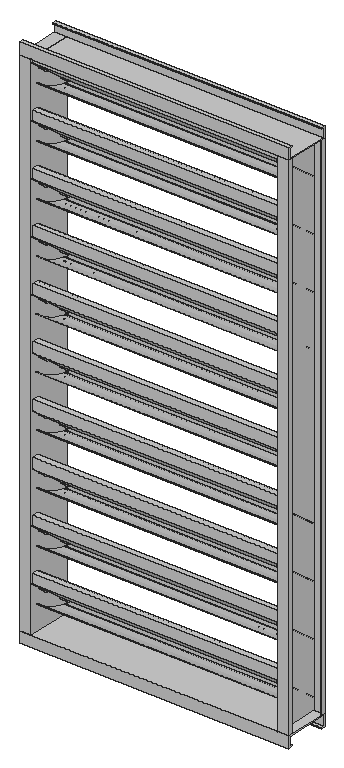
Revit family
Parameters (values of type "SBI-445")
  Width Control = if(Width < Min Width, Min Width, if(Width > Max Width, Max Width, Width))  # 2' - 0"
  Width = 2' - 0"
  Warranty = "http://www.alllite-louvers.com/All-Lite_Warranty.pdf"
  Velocity @ .15 in. wg Pressure Loss = "811 fpm"  # constant formula
  URL = "http://www.alllite-louvers.com/"
  Specifications = "http://www.alllite-louvers.com/catalog/ASBI-445-csi-specification.doc"
  Product URL = "http://www.alllite-louvers.com/catalog.php?model=SBI-445"
  Pressure Loss @ Beginning Point of Water Penetration = "0.14 in. wg."  # constant formula
  Omni Class Title = "Exterior Louvers & Grilles"  # constant formula
  Omni Class Code = "23-60 11 17"  # constant formula
  Mullion = "Visible"  # constant formula
  Maximum Size - Unlimited Section = "Unlimited"  # constant formula
  Free Area Velocity @ Beginning Point of Water Penetration = "775 fpm"  # constant formula
  Free Area = "[48'' x 48'' unit] : 7.5 ft² 46.9%"  # constant formula
  Design Load = "30 psf"  # constant formula
  Screen = "1/2'' x .063'' expanded and flattened aluminum"  # constant formula
  Model = "SBI-445"  # constant formula
  Minimum Size = "12'' x 12''"  # constant formula
  Min Width = 1' - 0"  # constant formula
  Min Height = 1' - 0"  # constant formula
  Maximum Size - Single Section = "36'' x 120''"  # constant formula
  Max Width = 3' - 0"  # constant formula
  Max Height = 10' - 0"  # constant formula
  Manufacturer = "All-Lite"  # constant formula
  Louver Count = (Height Control - 0' 3 1/2") / 0' 4 5/8"  # 10
  Louver = Galvannealed Steel
  Height Control = if(Height < Min Height, Min Height, if(Height > Max Height, Max Height, Height))  # 4' - 0"
  Height = 4' - 0"
  Frame = "4'' deep x 20 ga thick channel"  # constant formula
  Default Height = 4' - 0"
  Cut Sheet = "http://www.alllite-louvers.com/catalog/ASBI445.pdf"
  Blades = "45° x 20 ga thick J-style BD-intake"  # constant formula
  Blade Width = Width Control - 0' 2"  # 1' - 10"
  Blade Height = Height Control - 0' 8 5/16" + 0' 0 235/256"  # 3' - 4 155/256"
  Assembly Code = "B2010300"
  Air Volume Delivered @ Beginning Point of Water Penetration = "5,813 cfm"  # constant formula
  95 CSI = "10200"  # constant formula
  04 CSI = "08 91 00"  # constant formula
Reference planes (in)
  plane 1: y = 0
  plane 2 "Center (Left/Right)": x = 0
  plane 3 "Wall Edge": y = 6
  plane 4: z = 48
  plane 5: x = 12
  plane 6: x = -12
  plane 7: z = 96
  plane 8 "blade": y = 2.125
  plane 9 "blade start": z = 49.25
  plane 10: z = 94.75
Forms (in)
  Sweep 1, solid, material "Galvannealed Steel" <- "Louver"
    path origin (0, 6, 96) x (1, 0, 0) y (0, 0, -1)
      loop
        line (12, 48) -> (-12, 48)
    profile "Frame Profile : 4"" origin (0, 6, 48) x (0, 0, -1) y (0, -1, 0)
      loop
        line (-1, 4) -> (-1, 0) -> (0, 0) -> (0, 0.375) -> (-0.08203, 0.375) -> (-0.08203, 0.08203) -> (-0.91797, 0.08203) -> (-0.91797, 3.91797) -> (-0.08203, 3.91797) -> (-0.08203, 3.625) -> (0, 3.625) -> (0, 4) -> (-1, 4)
  Sweep 2, solid, material "Galvannealed Steel" <- "Louver"
    path origin (0, 6, 0) x (1, 0, 0) y (0, 0, 1)
      loop
        line (-12, 96) -> (12, 96)
    profile "Frame Profile : 4"" origin (0, 6, 96) x (0, 0, 1) y (0, -1, 0)
      loop
        line (-1, 4) -> (-1, 0) -> (0, 0) -> (0, 0.375) -> (-0.08203, 0.375) -> (-0.08203, 0.08203) -> (-0.91797, 0.08203) -> (-0.91797, 3.91797) -> (-0.08203, 3.91797) -> (-0.08203, 3.625) -> (0, 3.625) -> (0, 4) -> (-1, 4)
  Sweep 3, solid, material "Galvannealed Steel" <- "Louver"
    path origin (0, 6, 0) x (1, 0, 0) y (0, 0, 1)
      loop
        line (12, 95) -> (12, 49)
    profile "Frame Profile : 4"" origin (12, 6, 72) x (1, 0, 0) y (0, -1, 0)
      loop
        line (-1, 4) -> (-1, 0) -> (0, 0) -> (0, 0.375) -> (-0.08203, 0.375) -> (-0.08203, 0.08203) -> (-0.91797, 0.08203) -> (-0.91797, 3.91797) -> (-0.08203, 3.91797) -> (-0.08203, 3.625) -> (0, 3.625) -> (0, 4) -> (-1, 4)
  Sweep 4, solid, material "Galvannealed Steel" <- "Louver"
    path origin (0, 6, 0) x (-1, 0, 0) y (0, 0, 1)
      loop
        line (12, 95) -> (12, 49)
    profile "Frame Profile : 4"" origin (-12, 6, 72) x (1, 0, 0) y (0, -1, 0)
      loop
        line (1, 4) -> (0, 4) -> (0, 3.625) -> (0.08203, 3.625) -> (0.08203, 3.91797) -> (0.91797, 3.91797) -> (0.91797, 0.08203) -> (0.08203, 0.08203) -> (0.08203, 0.375) -> (0, 0.375) -> (0, 0) -> (1, 0) -> (1, 4)
Lines and regions (in)
  Opening 1
    outline origin (-60, -6, 0) x (1, 0, 0) y (0, 0, 1)
      loop
        line (72, 96) -> (48, 96) -> (48, 48) -> (72, 48) -> (72, 96)
Text (in)
  text "Placement Side" at (0, 40.15149, 123.01588), in view "Right"
  text "Placement Side" at (-70.3804, 28.46503, 0), in view "Ref. Level"
  text "Placement Side" at (0, 81.62555, 140.59947), in view "Left"
Dimensions and locks (in)
  locked: plane 3 "Wall Edge" to host wall
  "Default Height": level to plane 4
  "Height Control": plane 4 to plane 7
  equal spacing: plane 6, plane 2 "Center (Left/Right)", plane 5
  "Width Control": plane 6 to plane 5
  locked: plane 4 to plane 9 "blade start" at 1.25
  locked: plane 10 to plane 7 at 1.25
  plane 7 to plane 4 = 4' - 0"
  equal spacing: group 1, group 2, group 3, group 4, group 5, group 6, group 7, group 8, group 9, group 10  (x3)
  aligned and locked: plane 7 to Opening 1 sketch curve
  aligned and locked: Opening 1 sketch curve to plane 5
  aligned and locked: Opening 1 sketch curve to plane 4
  aligned and locked: plane 6 to Opening 1 sketch curve
  aligned and locked: Sweep 1 sketch curve to plane 4
  aligned and locked: plane 5 to Sweep 1 sketch curve
  aligned and locked: plane 6 to Sweep 1 sketch curve
  aligned and locked: plane 7 to Sweep 2 sketch curve
  aligned and locked: plane 5 to Sweep 2 sketch curve
  aligned and locked: plane 6 to Sweep 2 sketch curve
  aligned and locked: Sweep 3 sketch curve to plane 5
Automatic sketch dimensions
  plane 6 to Sweep 4 sketch curve = 0' - 0"
  Sweep 3 sketch curve to plane 7 = 0' - 1"
  plane 7 to Sweep 4 sketch curve = 0' - 1"
  plane 4 to Sweep 3 sketch curve = 0' - 1"
  Sweep 4 sketch curve to plane 4 = 0' - 1"
Nested families (in)
  nested 1: "445i blade" at (0, 2.125, 50.76003) x (1, 0, 0) z (0, 1, 0), type "445i blade"
  nested 2: "445i blade" at (0, 2.125, 55.38503) x (1, 0, 0) z (0, 1, 0), type "445i blade"
  nested 3: "445i blade" at (0, 2.125, 60.01003) x (1, 0, 0) z (0, 1, 0), type "445i blade"
  nested 4: "445i blade" at (0, 2.125, 64.63503) x (1, 0, 0) z (0, 1, 0), type "445i blade"
  nested 5: "445i blade" at (0, 2.125, 69.26003) x (1, 0, 0) z (0, 1, 0), type "445i blade"
  nested 6: "445i blade" at (0, 2.125, 73.88503) x (1, 0, 0) z (0, 1, 0), type "445i blade"
  nested 7: "445i blade" at (0, 2.125, 78.51003) x (1, 0, 0) z (0, 1, 0), type "445i blade"
  nested 8: "445i blade" at (0, 2.125, 83.13503) x (1, 0, 0) z (0, 1, 0), type "445i blade"
  nested 9: "445i blade" at (0, 2.125, 87.76003) x (1, 0, 0) z (0, 1, 0), type "445i blade"
  nested 10: "445i blade" at (0, 2.125, 92.38503) x (1, 0, 0) z (0, 1, 0), type "445i blade"
Definition of nested family "445i blade"
  Parameters (values of type "445i blade")
    W = 1' - 10"
    Louver = Galvannealed Steel
    Default Elevation = 4' - 0"
    Assembly Code = ""
  Reference planes (in)
    plane 1 "Center (Front/Back)": y = 0
    plane 2: z = 0
    plane 3 "Center (Left/Right)": x = 0
    plane 4: x = -11
    plane 5: x = 11
    plane 6: y = -2.52903
    plane 7: x = -10.25
    plane 8: x = 10.25
  Forms (in)
    Extrusion 1, solid
      sketch origin (0, 0, 0) x (1, 0, 0) y (0, 1, 0)
        loop
          line (-48, 48) -> (-48, -48) -> (48, -48) -> (48, 48) -> (-48, 48)
      from 0 to -12
    Sweep 2, solid, material "Galvannealed Steel" <- "Louver"
      path origin (0, 1.51003, 0.89675) x (1, 0, 0) y (0, 0, 1)
        loop
          line (-11, -0.89675) -> (11, -0.89675)
      profile origin (0, 1.51003, 0) x (0, 0, 1) y (0, -1, 0)
        loop
          line (3.875, 0) -> (3.875, 0.78763) -> (0.03906, 3.75728) -> (0.03906, 4.63228) -> (0.5, 4.63228) -> (0.5, 4.19531) -> (0.53777, 4.19531) -> (0.53777, 4.67134) -> (0, 4.67134) -> (0, 3.7411) -> (3.83594, 0.77145) -> (3.83594, 0.03906) -> (3.33594, 0.03906) -> (3.33594, 0) -> (3.875, 0)
        loop
          arc (3.42282, 0.61214) -> (3.53037, 0.26943) -> (3.54055, 0.62848) r 0.18211
          arc (3.54055, 0.62848) -> (1.91037, 1.15407) -> (0.44705, 2.04427) r 7.31664
          line (0.44705, 2.04427) -> (0.43324, 2.00514)
          arc (0.43324, 2.00514) -> (1.84895, 1.13893) -> (3.42282, 0.61214) r 7.35603
        loop
          circle (3.50534, 0.44981) r 0.14304
    Extrusion 3, solid, material "Galvannealed Steel" <- "Louver"
      sketch origin (0, 0.48343, 0.60789) x (0, 1, 0) y (0, 0, 1)
        loop
          arc (-2.06969, 0.28497) -> (-2.19333, 0.25544) -> (-2.19094, 0.12834) r 0.10139
          line (-2.19094, 0.12834) -> (-2.06969, 0.28497)
        loop
          arc (-2.16267, 0.1049) -> (-2.033, 0.13131) -> (-2.03991, 0.26347) r 0.10139
          line (-2.03991, 0.26347) -> (-2.16267, 0.1049)
        loop
          arc (-0.23321, 2.65717) -> (-0.35686, 2.62764) -> (-0.35447, 2.50055) r 0.10139
          line (-0.35447, 2.50055) -> (-0.23321, 2.65717)
        loop
          arc (-0.3262, 2.4771) -> (-0.19652, 2.50352) -> (-0.20344, 2.63567) r 0.10139
          line (-0.20344, 2.63567) -> (-0.3262, 2.4771)
      from -11 to -10.25
    Extrusion 4, solid, material "Galvannealed Steel" <- "Louver"
      sketch origin (0, 0.48343, 0.60789) x (0, 1, 0) y (0, 0, -1)
        loop
          line (-2.06969, -0.28497) -> (-2.19094, -0.12834)
          arc (-2.19094, -0.12834) -> (-2.19333, -0.25544) -> (-2.06969, -0.28497) r 0.10139
        loop
          line (-2.16267, -0.1049) -> (-2.03991, -0.26347)
          arc (-2.03991, -0.26347) -> (-2.033, -0.13131) -> (-2.16267, -0.1049) r 0.10139
        loop
          line (-0.23321, -2.65717) -> (-0.35447, -2.50055)
          arc (-0.35447, -2.50055) -> (-0.35686, -2.62764) -> (-0.23321, -2.65717) r 0.10139
        loop
          line (-0.3262, -2.4771) -> (-0.20344, -2.63567)
          arc (-0.20344, -2.63567) -> (-0.19652, -2.50352) -> (-0.3262, -2.4771) r 0.10139
      from -11 to -10.25
  Dimensions and locks (in)
    equal spacing: plane 5, plane 3 "Center (Left/Right)", plane 4
    "W": plane 5 to plane 4
    locked: plane 4 to plane 7 at 0.75
    locked: plane 8 to plane 5 at 0.75
    aligned and locked: plane 2 to Extrusion 1
    aligned and locked: level to Extrusion 1
    aligned and locked: Extrusion 3 to plane 4
    aligned and locked: plane 7 to Extrusion 3
    aligned and locked: Extrusion 3 to plane 7
    aligned and locked: Extrusion 4 to plane 8
    aligned and locked: plane 5 to Extrusion 4
  Automatic sketch dimensions
    Extrusion 1 sketch curve to Extrusion 1 sketch curve = 8' - 0"  (x2)
    Sweep 2 sketch curve to level = 0' - 0"
    Sweep 2 sketch curve to plane 4 = 0' - 0"
    Sweep 2 sketch curve to plane 5 = 0' - 0"
    Extrusion 3 sketch curve to Extrusion 3 sketch curve = 0' - 0"  (x4)
    level to Extrusion 3 sketch curve = 0' - 0.73624"
    plane 1 "Center (Front/Back)" to Extrusion 3 sketch curve = 0' - 1.70751"
    level to Extrusion 3 sketch curve = 0' - 0.71279"
    Extrusion 3 sketch curve to Extrusion 3 sketch curve = 0' - 0.02827"  (x2)
    Extrusion 3 sketch curve to Extrusion 3 sketch curve = 0' - 0.04951"
    Extrusion 3 sketch curve to Extrusion 3 sketch curve = 0' - 0.04347"  (x2)
    Extrusion 3 sketch curve to Extrusion 3 sketch curve = 0' - 0.02978"  (x2)
    Extrusion 3 sketch curve to plane 1 "Center (Front/Back)" = 0' - 0.12896"
    Extrusion 3 sketch curve to Extrusion 3 sketch curve = 0' - 0.07778"
    Extrusion 3 sketch curve to Extrusion 3 sketch curve = 0' - 0.08848"
    Extrusion 3 sketch curve to Extrusion 3 sketch curve = 0' - 2.21363"
    Extrusion 3 sketch curve to Extrusion 3 sketch curve = 0' - 0 3/128"
    Extrusion 3 sketch curve to Extrusion 3 sketch curve = 0' - 0.06503"
    Extrusion 4 sketch curve to Extrusion 4 sketch curve = 0' - 0"  (x4)
    level to Extrusion 4 sketch curve = 0' - 0.73624"
    plane 1 "Center (Front/Back)" to Extrusion 4 sketch curve = 0' - 1.70751"
    level to Extrusion 4 sketch curve = 0' - 0.71279"
    Extrusion 4 sketch curve to Extrusion 4 sketch curve = 0' - 0.02827"  (x2)
    Extrusion 4 sketch curve to Extrusion 4 sketch curve = 0' - 0.04951"
    Extrusion 4 sketch curve to Extrusion 4 sketch curve = 0' - 0.04347"  (x2)
    Extrusion 4 sketch curve to Extrusion 4 sketch curve = 0' - 0.02978"  (x2)
    Extrusion 4 sketch curve to plane 1 "Center (Front/Back)" = 0' - 0.12896"
    Extrusion 4 sketch curve to Extrusion 4 sketch curve = 0' - 0.07778"
    Extrusion 4 sketch curve to Extrusion 4 sketch curve = 0' - 0.08848"
    Extrusion 4 sketch curve to Extrusion 4 sketch curve = 0' - 2.21363"
    Extrusion 4 sketch curve to Extrusion 4 sketch curve = 0' - 0 3/128"
    Extrusion 4 sketch curve to Extrusion 4 sketch curve = 0' - 0.06503"
    Sweep 2 sketch curve to Sweep 2 sketch curve = 0' - 0"  (x3)
    profile plane to Sweep 2 sketch curve = 0' - 0"
    Sweep 2 sketch curve to profile plane = 0' - 0"
    Sweep 2 sketch curve to profile plane = 0' - 0 5/128"
    Sweep 2 sketch curve to profile plane = 0' - 0.43324"
    Sweep 2 sketch curve to Sweep 2 sketch curve = 0' - 0.01382"
    Sweep 2 sketch curve to plane 6 = 0' - 0 5/32"
    Sweep 2 sketch curve to profile plane = 0' - 0 1/2"
    Sweep 2 sketch curve to Sweep 2 sketch curve = 0' - 0.03777"
    profile plane to Sweep 2 sketch curve = 0' - 0 5/128"
    Sweep 2 sketch curve to profile plane = 0' - 3 43/128"
    Sweep 2 sketch curve to Sweep 2 sketch curve = 0' - 0.08688"
    Sweep 2 sketch curve to Sweep 2 sketch curve = 0' - 0.08253"
    Sweep 2 sketch curve to Sweep 2 sketch curve = 0' - 0.11774"
    Sweep 2 sketch curve to Sweep 2 sketch curve = 0' - 0.29539"
    Sweep 2 sketch curve to Sweep 2 sketch curve = 0' - 0 5/128"  (x2)
    Sweep 2 sketch curve to profile plane = 0' - 4.95521"
    Sweep 2 sketch curve to Sweep 2 sketch curve = 0' - 0.00058"
    Sweep 2 sketch curve to Sweep 2 sketch curve = 0' - 0.41074"
    Sweep 2 sketch curve to Sweep 2 sketch curve = 0' - 0.16233"
    Sweep 2 sketch curve to Sweep 2 sketch curve = 0' - 0.14297"
    Sweep 2 sketch curve to Sweep 2 sketch curve = 0' - 0.01618"  (x2)
    Sweep 2 sketch curve to Sweep 2 sketch curve = 0' - 0.03912"
    plane 6 to Sweep 2 sketch curve = 0' - 0.29797"
    Sweep 2 sketch curve to plane 6 = 0' - 0.59321"
    radius of Sweep 2 sketch curve = 0' - 0.14304"
